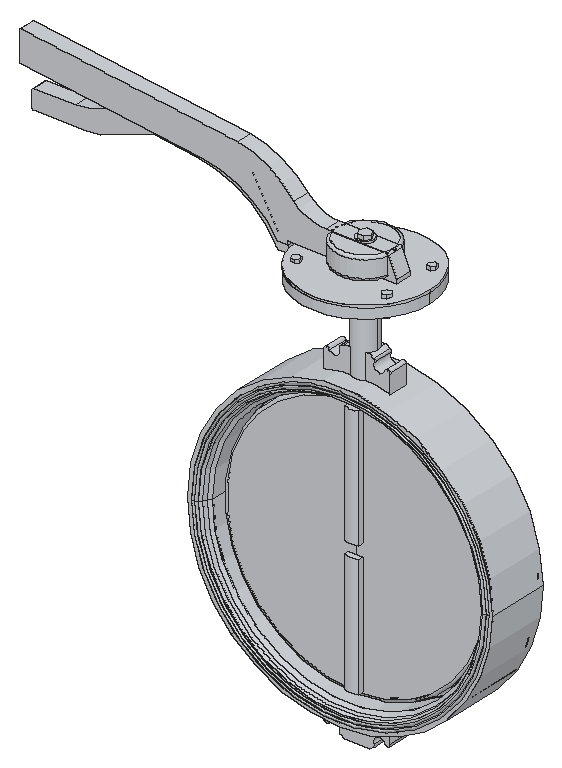
Revit family "R59WY020", category Plumbing Fixtures, Revit 2015
Reference planes
  plane 1 "Center (Front/Back)": y = 0
  plane 2: z = 0
  plane 3 "Center (Left/Right)": x = 0
  plane 4: z = 237
  plane 5: x = -326
  plane 6: z = 336
  plane 7: z = -160
  plane 8: z = -30
  plane 9: z = 267
  plane 10: z = -30
  plane 11: y = -30.238
  plane 12: y = 29.762
  plane 13: x = -28.994
Forms (mm)
  Extrusion 1, solid
    sketch origin (0, 0, 227) x (1, 0, 0) y (0, 1, 0)
      loop
        circle (0, 0) r 62.5
    from 0 to 10
  Extrusion 2, solid
    sketch origin (0, 0, -76.95) x (1, 0, 0) y (0, 1, 0)
      loop
        circle (0, 0) r 12
    from 215.929 to 303.95
  Revolve 3, solid
    sketch origin (0, 0, 0) x (0, 1, 0) y (0, 0, 1)
      loop
        line (-1.078, -130.418) -> (1.078, -130.418) -> (1.078, -129.484)
        arc (1.078, -129.484) -> (1.953, -128.051) -> (3.478, -127.347) r 2.888
        line (3.478, -127.347) -> (6.599, -127.347)
        arc (6.599, -127.347) -> (9.772, -125.606) -> (11.11, -122.243) r 5.351
        line (11.11, -122.243) -> (11.11, 0) -> (-11.11, 0) -> (-11.11, -124.678)
        arc (-11.11, -124.678) -> (-10.328, -126.565) -> (-8.44, -127.347) r 2.67
        line (-8.44, -127.347) -> (-3.478, -127.347)
        arc (-3.478, -127.347) -> (-1.953, -128.051) -> (-1.078, -129.484) r 2.888
        line (-1.078, -129.484) -> (-1.078, -130.418)
      axis (11.11, 0) -> (-11.11, 0)
    angle from 0 to 360
  Blend 4, solid
    base sketch origin (0, 0, -4.163) x (1, 0, 0) y (0, 1, 0)
      loop
        line (-6.883, 16.4) -> (-6.883, -16.4)
        arc (-6.883, -16.4) -> (0, -18.078) -> (6.883, -16.4) r 14.953
        line (6.883, -16.4) -> (6.883, 16.4)
        arc (6.883, 16.4) -> (0, 18.078) -> (-6.883, 16.4) r 14.953
    top sketch origin (0, 0, 0) x (1, 0, 0) y (0, 1, 0)
      loop
        line (-6.883, 16.4) -> (-6.883, -16.4)
        arc (-6.883, -16.4) -> (0, -18.078) -> (6.883, -16.4) r 14.953
        line (6.883, -16.4) -> (6.883, 16.4)
        arc (6.883, 16.4) -> (0, 18.078) -> (-6.883, 16.4) r 14.953
    from 10.163 to 122.299
  Blend 5, solid
    base sketch origin (0, 0, -38.601) x (0, -1, 0) y (1, 0, 0)
      loop
        line (-16.4, -6.883) -> (16.4, -6.883)
        arc (16.4, -6.883) -> (18.078, 0) -> (16.4, 6.883) r 14.953
        line (16.4, 6.883) -> (-16.4, 6.883)
        arc (-16.4, 6.883) -> (-18.078, 0) -> (-16.4, -6.883) r 14.953
    top sketch origin (0, 0, -35.117) x (0, -1, 0) y (1, 0, 0)
      loop
        line (-16.4, -6.883) -> (16.4, -6.883)
        arc (16.4, -6.883) -> (18.078, 0) -> (16.4, 6.883) r 14.953
        line (16.4, 6.883) -> (-16.4, 6.883)
        arc (-16.4, 6.883) -> (-18.078, 0) -> (-16.4, -6.883) r 14.953
    from -83.937 to 29.117
  Extrusion 6, solid
    sketch origin (80.376, -27.447, 239) x (0, -1, 0) y (1, 0, 0)
      loop
        line (3.99, -123.113) -> (0.805, -120.344) -> (-3.184, -121.718) -> (-3.99, -125.86) -> (-0.805, -128.628) -> (3.184, -127.254) -> (3.99, -123.113)
    from 0 to 3
  Extrusion 7, solid
    sketch origin (80.376, -27.447, 219) x (0, -1, 0) y (1, 0, 0)
      loop
        circle (0, -124.486) r 3
    from 2.505 to 20
  Extrusion 8, solid
    sketch origin (80.376, -27.447, 226) x (0, -1, 0) y (1, 0, 0)
      loop
        line (3.99, -123.113) -> (0.805, -120.344) -> (-3.184, -121.718) -> (-3.99, -125.86) -> (-0.805, -128.628) -> (3.184, -127.254) -> (3.99, -123.113)
      loop
        line (-3.444, -125.672) -> (-0.695, -128.061) -> (2.749, -126.876) -> (3.444, -123.301) -> (0.695, -120.911) -> (-2.749, -122.097) -> (-3.444, -125.672)
    from -1.968 to 1
  Extrusion 9, solid, not visible
    sketch origin (26.117, -96.518, 104.233) x (0, -1, 0) y (1, 0, 0)
      loop
        line (3.99, -123.113) -> (0.805, -120.344) -> (-3.184, -121.718) -> (-3.99, -125.86) -> (-0.805, -128.628) -> (3.184, -127.254) -> (3.99, -123.113)
    from 0 to 3
  Extrusion 10, solid, not visible
    sketch origin (26.117, -96.518, 84.233) x (0, -1, 0) y (1, 0, 0)
      loop
        circle (0, -124.486) r 3
    from 2.505 to 20
  Extrusion 11, solid, not visible
    sketch origin (26.117, -96.518, 91.233) x (0, -1, 0) y (1, 0, 0)
      loop
        line (3.99, -123.113) -> (0.805, -120.344) -> (-3.184, -121.718) -> (-3.99, -125.86) -> (-0.805, -128.628) -> (3.184, -127.254) -> (3.99, -123.113)
      loop
        line (-3.444, -125.672) -> (-0.695, -128.061) -> (2.749, -126.876) -> (3.444, -123.301) -> (0.695, -120.911) -> (-2.749, -122.097) -> (-3.444, -125.672)
    from -1.968 to 1
  Extrusion 12, solid
    sketch origin (0, 0, 237) x (1, 0, 0) y (0, 1, 0)
      loop
        circle (0, 0) r 62.5
    from 0 to 2
  Extrusion 13, solid
    sketch origin (80.376, -27.447, 239) x (0, -1, 0) y (1, 0, 0)
      loop
        line (-58.884, -123.113) -> (-58.079, -127.254) -> (-54.09, -128.628) -> (-50.905, -125.86) -> (-51.71, -121.718) -> (-55.7, -120.344) -> (-58.884, -123.113)
    from 0 to 3
  Extrusion 14, solid
    sketch origin (80.376, -27.447, 219) x (0, -1, 0) y (1, 0, 0)
      loop
        circle (-54.895, -124.486) r 3
    from 2.505 to 20
  Extrusion 15, solid
    sketch origin (80.376, -27.447, 226) x (0, -1, 0) y (1, 0, 0)
      loop
        line (-58.884, -123.113) -> (-58.079, -127.254) -> (-54.09, -128.628) -> (-50.905, -125.86) -> (-51.71, -121.718) -> (-55.7, -120.344) -> (-58.884, -123.113)
      loop
        line (-51.451, -125.672) -> (-52.146, -122.097) -> (-55.59, -120.911) -> (-58.339, -123.301) -> (-57.644, -126.876) -> (-54.2, -128.061) -> (-51.451, -125.672)
    from -1.968 to 1
  Extrusion 16, solid
    sketch origin (-81.626, 27.447, 239) x (0, 1, 0) y (-1, 0, 0)
      loop
        line (-58.884, -123.113) -> (-58.079, -127.254) -> (-54.09, -128.628) -> (-50.905, -125.86) -> (-51.71, -121.718) -> (-55.7, -120.344) -> (-58.884, -123.113)
    from 0 to 3
  Extrusion 17, solid
    sketch origin (-81.626, 27.447, 219) x (0, 1, 0) y (-1, 0, 0)
      loop
        circle (-54.895, -124.486) r 3
    from 2.505 to 20
  Extrusion 18, solid
    sketch origin (-81.626, 27.447, 226) x (0, 1, 0) y (-1, 0, 0)
      loop
        line (-58.884, -123.113) -> (-58.079, -127.254) -> (-54.09, -128.628) -> (-50.905, -125.86) -> (-51.71, -121.718) -> (-55.7, -120.344) -> (-58.884, -123.113)
      loop
        line (-51.451, -125.672) -> (-52.146, -122.097) -> (-55.59, -120.911) -> (-58.339, -123.301) -> (-57.644, -126.876) -> (-54.2, -128.061) -> (-51.451, -125.672)
    from -1.968 to 1
  Extrusion 19, solid
    sketch origin (-81.626, 27.447, 239) x (0, 1, 0) y (-1, 0, 0)
      loop
        line (3.99, -123.113) -> (0.805, -120.344) -> (-3.184, -121.718) -> (-3.99, -125.86) -> (-0.805, -128.628) -> (3.184, -127.254) -> (3.99, -123.113)
    from 0 to 3
  Extrusion 20, solid
    sketch origin (-81.626, 27.447, 219) x (0, 1, 0) y (-1, 0, 0)
      loop
        circle (0, -124.486) r 3
    from 2.505 to 20
  Extrusion 21, solid
    sketch origin (-81.626, 27.447, 226) x (0, 1, 0) y (-1, 0, 0)
      loop
        line (3.99, -123.113) -> (0.805, -120.344) -> (-3.184, -121.718) -> (-3.99, -125.86) -> (-0.805, -128.628) -> (3.184, -127.254) -> (3.99, -123.113)
      loop
        line (-3.444, -125.672) -> (-0.695, -128.061) -> (2.749, -126.876) -> (3.444, -123.301) -> (0.695, -120.911) -> (-2.749, -122.097) -> (-3.444, -125.672)
    from -1.968 to 1
  Extrusion 22, solid
    sketch origin (125.063, -27.447, 264.144) x (0, -1, 0) y (1, 0, 0)
      loop
        line (-32.638, -122.069) -> (-32.638, -128.062) -> (-27.447, -131.059) -> (-22.257, -128.062) -> (-22.257, -122.069) -> (-27.447, -119.072) -> (-32.638, -122.069)
    from -1.014 to 2.856
  Extrusion 23, solid
    sketch origin (124.477, -54.895, 259.2) x (0, -1, 0) y (1, 0, 0)
      loop
        circle (-54.895, -124.486) r 8
    from -22.2 to 3.931
  Sweep 24, solid
    path origin (0, 0, 0) x (1, 0, 0) y (0, 0, 1)
      loop
        circle (0, 0) r 147
    profile origin (0, 0, -147) x (0, 0, 1) y (0, -1, 0)
      loop
        line (16.683, -20.451) -> (16.683, 20.795) -> (13.454, 24.024) -> (12.517, 27.521) -> (10.888, 29.863) -> (9.28, 29.863)
        arc (9.28, 29.863) -> (8.267, 30.877) -> (7.253, 29.863) r 1.014
        line (7.253, 29.863) -> (5.98, 29.863)
        arc (5.98, 29.863) -> (4.966, 30.877) -> (3.952, 29.863) r 1.014
        line (3.952, 29.863) -> (0.625, 29.863) -> (0.625, -29.52) -> (3.952, -29.52)
        arc (3.952, -29.52) -> (4.966, -30.533) -> (5.98, -29.52) r 1.014
        line (5.98, -29.52) -> (7.253, -29.52)
        arc (7.253, -29.52) -> (8.267, -30.533) -> (9.28, -29.52) r 1.014
        line (9.28, -29.52) -> (10.888, -29.52) -> (12.517, -27.178) -> (13.454, -23.68) -> (16.683, -20.451)
  Revolve 25, solid
    sketch origin (0, 0, 97) x (1, 0, 0) y (0, 0, 1)
      loop
        line (-26.486, 143.746) -> (0, 143.746) -> (0, 165) -> (-26.486, 165)
        arc (-26.486, 165) -> (-28.259, 164.265) -> (-28.994, 162.492) r 2.508
        line (-28.994, 162.492) -> (-28.994, 146.254)
        arc (-28.994, 146.254) -> (-28.259, 144.481) -> (-26.486, 143.746) r 2.508
      axis (0, 143.746) -> (0, 165)
    angle from 0 to 360
  Sweep 26, solid
    path origin (-0.002, 0, 0) x (1, 0, 0) y (0, 0, 1)
      loop
        circle (0, 0) r 147
    profile origin (-0.002, 0, -147) x (0, 0, 1) y (0, -1, 0)
      loop
        line (0, 30.238) -> (0, -29.762) -> (3.899, -29.762) -> (3.899, 30.238) -> (0, 30.238)
  Extrusion 27, solid
    sketch origin (16.992, 45.948, -43.573) x (1, 0, 0) y (0, 0, 1)
      loop
        arc (-48.783, 305.574) -> (-65.384, 309.172) -> (-79.007, 319.319) r 40.102
        arc (-79.007, 319.319) -> (-103.619, 339.76) -> (-133.424, 351.389) r 100.074
        line (-133.424, 351.389) -> (-342.314, 375.573)
        arc (-342.314, 375.573) -> (-342.789, 375.423) -> (-342.992, 374.969) r 0.608
        line (-342.992, 374.969) -> (-342.992, 345.76) -> (-167.596, 325.454)
        arc (-167.596, 325.454) -> (-125.893, 310.838) -> (-94.664, 279.573) r 99.286
        line (-94.664, 279.573) -> (-84.664, 279.573) -> (-84.664, 282.573) -> (19.968, 282.573) -> (19.968, 285.573) -> (11.917, 303.989)
        arc (11.917, 303.989) -> (10.932, 305.149) -> (9.47, 305.574) r 2.646
        line (9.47, 305.574) -> (-48.783, 305.574)
    from 37.966 to 54.11
  Extrusion 28, solid
    sketch origin (-95.791, 45.948, -98.087) x (1, 0, 0) y (0, 0, 1)
      loop
        line (-177.106, 382.301) -> (-217.214, 382.301)
        arc (-217.214, 382.301) -> (-218.486, 381.806) -> (-219.141, 380.609) r 1.995
        line (-219.141, 380.609) -> (-219.141, 365.458)
        arc (-219.141, 365.458) -> (-218.486, 364.261) -> (-217.214, 363.766) r 1.995
        line (-217.214, 363.766) -> (-165.969, 363.766)
        arc (-165.969, 363.766) -> (-159.476, 364.161) -> (-153.041, 365.112) r 75.785
        line (-153.041, 365.112) -> (-102.034, 383.677) -> (-60.442, 378.862)
        arc (-60.442, 378.862) -> (-16.505, 362.956) -> (15.663, 329.062) r 101.578
        arc (15.663, 329.062) -> (17.206, 327.09) -> (19.597, 326.344) r 4.207
        line (19.597, 326.344) -> (28.119, 326.344) -> (28.119, 337.087) -> (23.361, 337.087)
        arc (23.361, 337.087) -> (21.253, 337.654) -> (19.712, 339.201) r 4.207
        line (19.712, 339.201) -> (-9.321, 389.817)
        arc (-9.321, 389.817) -> (-17.422, 397.083) -> (-27.819, 400.293) r 25.399
        line (-27.819, 400.293) -> (-121.464, 408.132)
        arc (-121.464, 408.132) -> (-146.554, 389.335) -> (-177.106, 382.301) r 75.785
    from 38.356 to 53.486
  Extrusion 29, solid
    sketch origin (-2.813, 0.293, -92.147) x (1, 0, 0) y (0, 0, 1)
      loop
        arc (18.871, -75.538) -> (19.767, -74.256) -> (19.652, -72.705) r 2.274
        arc (19.652, -72.705) -> (22.463, -65.337) -> (29.701, -68.467) r 5.458
        arc (29.701, -68.467) -> (32.458, -70.224) -> (34.596, -67.751) r 2.5
        line (34.596, -67.751) -> (34.596, -48.516)
        arc (34.596, -48.516) -> (2.811, -54.012) -> (-28.974, -48.516) r 94.655
        line (-28.974, -48.516) -> (-28.974, -67.751)
        arc (-28.974, -67.751) -> (-26.836, -70.224) -> (-24.079, -68.467) r 2.5
        arc (-24.079, -68.467) -> (-16.841, -65.337) -> (-14.03, -72.705) r 5.458
        arc (-14.03, -72.705) -> (-14.145, -74.256) -> (-13.249, -75.537) r 2.274
        arc (-13.249, -75.537) -> (-11.147, -76.838) -> (-8.94, -77.953) r 28.535
        line (-8.94, -77.953) -> (14.565, -77.953)
        arc (14.565, -77.953) -> (16.77, -76.839) -> (18.871, -75.538) r 28.535
    from -9.388 to 9.974
  Extrusion 30, solid
    sketch origin (-2.813, 0.293, 92.147) x (1, 0, 0) y (0, 0, 1)
      loop
        arc (18.871, 75.538) -> (16.77, 76.839) -> (14.565, 77.953) r 28.535
        line (14.565, 77.953) -> (-8.94, 77.953)
        arc (-8.94, 77.953) -> (-11.147, 76.838) -> (-13.249, 75.537) r 28.535
        arc (-13.249, 75.537) -> (-14.145, 74.256) -> (-14.03, 72.705) r 2.274
        arc (-14.03, 72.705) -> (-16.841, 65.337) -> (-24.079, 68.467) r 5.458
        arc (-24.079, 68.467) -> (-26.836, 70.224) -> (-28.974, 67.751) r 2.5
        line (-28.974, 67.751) -> (-28.974, 48.516)
        arc (-28.974, 48.516) -> (2.811, 54.012) -> (34.596, 48.516) r 94.655
        line (34.596, 48.516) -> (34.596, 67.751)
        arc (34.596, 67.751) -> (32.458, 70.224) -> (29.701, 68.467) r 2.5
        arc (29.701, 68.467) -> (22.463, 65.337) -> (19.652, 72.705) r 5.458
        arc (19.652, 72.705) -> (19.767, 74.256) -> (18.871, 75.538) r 2.274
    from -9.388 to 9.974
Dimensions and locks
  locked: plane 2 to plane 4 at 237
  plane 3 "Center (Left/Right)" to plane 5 = 326 mm
  locked: level to plane 6 at 336
  plane 7 to level = 160 mm
  locked: plane 4 to plane 9 at 30
  plane 12 to plane 11 = 60 mm
  aligned and locked: level to plane 2
